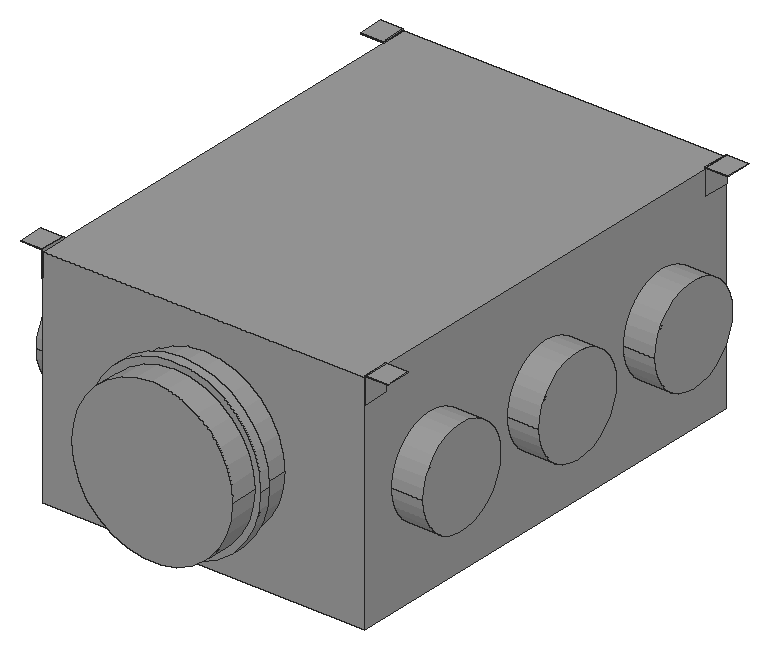
Revit family "SA_FASU(F6-150 250Φ)", category ダクト付属品, Revit 2020
Family settings
  丸型コネクタ寸法 = 直径を使用
  パーツ タイプ = ダンパー
  OmniClass 番号 = 23.75.00.00
  OmniClass タイトル = Climate Control (HVAC)
  作業面ベース = いいえ
  常に垂直 = はい
  ロード時にボイドで切り取り = いいえ
  共有 = いいえ
Parameters
  高さ = 350 mm
  風量 = 0.0 L/s
  符号 = "FASU"
  形式 = "F6-150 250φ"
  幅 [instance] = 500 mm
  奥行き = 700 mm
  大きさ = 250 mm
  呼称 = "FASUチャンバー"
  付属品_下端レベル [instance] = 0 mm
  マテリアル [instance] = 既定値
  ダクト_イン = 300 mm
  ダクト_アウト = 150 mm
  既定の高さ = 0 mm
Reference planes
  plane 1 "中心(正面/背面)": y = 0
  plane 2: z = 0
  plane 3 "中心(左/右)": x = 0
  plane 4: x = -250
  plane 5: x = 250
  plane 6: y = -700
  plane 7: z = 350
  plane 8: z = 175
  plane 9: z = 266.963
  plane 10: z = 86.159
  plane 11: x = -251
  plane 12: z = 313.122
  plane 13: z = 352.122
  plane 14: y = -350
Forms (mm)
  Extrusion 1, solid, material "既定値" <- "マテリアル"
    sketch origin (0, 0, 0) x (1, 0, 0) y (0, 1, 0)
      loop
        line (-250, 0) -> (-250, -700) -> (250, -700) -> (250, 0) -> (-250, 0)
    from 0 to 350
  Extrusion 2, solid, material "既定値" <- "マテリアル"
    sketch origin (0, -30, 0) x (1, 0, 0) y (0, 1, 0)
      loop
        line (-250, 30) -> (-251, 30) -> (-251, -10) -> (-250, -10) -> (-250, 30)
    from 313.122 to 350
  Extrusion 3, solid, material "既定値" <- "マテリアル"
    sketch origin (0, -30, 0) x (1, 0, 0) y (0, 1, 0)
      loop
        line (-285, 30) -> (-285, -10) -> (-251, -10) -> (-251, 30) -> (-285, 30)
    from 352.122 to 350
  Extrusion 4, solid, material "既定値" <- "マテリアル"
    sketch origin (0, -30, 0) x (-1, 0, 0) y (0, -1, 0)
      loop
        line (-250, -30) -> (-250, 10) -> (-251, 10) -> (-251, -30) -> (-250, -30)
    from 313.122 to 353.122
  Extrusion 5, solid, material "既定値" <- "マテリアル"
    sketch origin (0, -30, 0) x (-1, 0, 0) y (0, -1, 0)
      loop
        line (-285, -30) -> (-251, -30) -> (-251, 10) -> (-285, 10) -> (-285, -30)
    from 352.122 to 353.122
  Extrusion 6, solid, material "既定値" <- "マテリアル"
    sketch origin (0, -490, 0) x (1, 0, 0) y (0, 1, 0)
      loop
        line (-285, -170) -> (-285, -210) -> (-251, -210) -> (-251, -170) -> (-285, -170)
    from 352.122 to 353.122
  Extrusion 7, solid, material "既定値" <- "マテリアル"
    sketch origin (0, -490, 0) x (1, 0, 0) y (0, 1, 0)
      loop
        line (-250, -170) -> (-251, -170) -> (-251, -210) -> (-250, -210) -> (-250, -170)
    from 313.122 to 353.122
  Extrusion 8, solid, material "既定値" <- "マテリアル"
    sketch origin (0, -490, 0) x (-1, 0, 0) y (0, -1, 0)
      loop
        line (-285, 170) -> (-251, 170) -> (-251, 210) -> (-285, 210) -> (-285, 170)
    from 352.122 to 353.122
  Extrusion 9, solid, material "既定値" <- "マテリアル"
    sketch origin (0, -490, 0) x (-1, 0, 0) y (0, -1, 0)
      loop
        line (-250, 170) -> (-250, 210) -> (-251, 210) -> (-251, 170) -> (-250, 170)
    from 313.122 to 353.122
  Extrusion 10, solid, material "既定値" <- "マテリアル"
    sketch origin (550, -582.5, 0) x (0, -1, 0) y (0, 0, -1)
      loop
        circle (-232.5, -175) r 74.985
    from -300 to -250
  Extrusion 11, solid, material "既定値" <- "マテリアル"
    sketch origin (-550, -582.5, 0) x (0, -1, 0) y (0, 0, 1)
      loop
        circle (-232.5, 175) r 74.985
    from -300 to -250
  Extrusion 12, solid, material "既定値" <- "マテリアル"
    sketch origin (550, -357.5, 0) x (0, -1, 0) y (0, 0, -1)
      loop
        circle (-232.5, -175) r 74.985
    from -300 to -250
  Extrusion 13, solid, material "既定値" <- "マテリアル"
    sketch origin (-550, -357.5, 0) x (0, -1, 0) y (0, 0, 1)
      loop
        circle (-232.5, 175) r 74.985
    from -300 to -250
  Extrusion 14, solid, material "既定値" <- "マテリアル"
    sketch origin (550, -142.5, 0) x (0, 1, 0) y (0, 0, 1)
      loop
        circle (-432.5, 175) r 74.985
    from -300 to -250
  Extrusion 15, solid, material "既定値" <- "マテリアル"
    sketch origin (0, -142.5, 0) x (0, 1, 0) y (0, 0, 1)
      loop
        circle (-432.5, 175) r 74.985
    from -300 to -250
  Extrusion 16, solid, material "既定値" <- "マテリアル"
    sketch origin (0, -230, 0) x (1, 0, 0) y (0, 0, 1)
      loop
        circle (0, 175) r 125
    from 470 to 512.5
  Extrusion 17, solid, material "既定値" <- "マテリアル"
    sketch origin (0, -230, 0) x (1, 0, 0) y (0, 0, 1)
      loop
        circle (0, 175) r 135
    from 512.5 to 527.5
  Extrusion 18, solid, material "既定値" <- "マテリアル"
    sketch origin (0, -317.5, 0) x (1, 0, 0) y (0, 0, 1)
      loop
        circle (0, 175) r 125
    from 440 to 482.5
Lines and regions (mm)
  model lines
    curve 1: line (-250, -30, 0) -> (250, -30, 0)
    curve 2: line (-250, -670, 0) -> (250, -670, 0)
Text (mm)
  text "FASU(F6-150 250Φ)" at (3.713, -630.412, 0), in view "参照レベル"
Dimensions and locks
  equal spacing: plane 4, plane 3 "中心(左/右)", plane 5
  "幅": plane 4 to plane 5
  "奥行き": plane 6 to plane 1 "中心(正面/背面)"
  "高さ": plane 7 to level
  equal spacing: plane 7, plane 8, level
  equal spacing: plane 6, plane 14, plane 1 "中心(正面/背面)"
  aligned and locked: level to plane 2
  aligned and locked: Extrusion 1 sketch curve to plane 5
  aligned and locked: plane 7 to Extrusion 1
  aligned and locked: Extrusion 2 sketch curve to Extrusion 1
  aligned and locked: plane 7 to Extrusion 2
  aligned and locked: Extrusion 3 sketch curve to Extrusion 2
  aligned and locked: Extrusion 2 to Extrusion 3 sketch curve
  aligned and locked: plane 7 to Extrusion 3
  aligned and locked: Extrusion 3 to plane 13
  aligned and locked: Extrusion 4 to Extrusion 5 sketch curve
  aligned and locked: Extrusion 5 sketch curve to Extrusion 4
  aligned and locked: Extrusion 1 to Extrusion 8
  aligned and locked: Extrusion 6 to Extrusion 1
  aligned and locked: Extrusion 7 to Extrusion 1
  aligned and locked: Extrusion 1 to Extrusion 9
  aligned and locked: Extrusion 9 to Extrusion 8
  aligned and locked: Extrusion 7 to Extrusion 6
  aligned and locked: plane 4 to Extrusion 7
  aligned and locked: Extrusion 9 to plane 5
  aligned and locked: plane 4 to curve 1
  aligned and locked: plane 5 to curve 1
  aligned and locked: plane 5 to curve 2
  aligned and locked: Extrusion 1 to Extrusion 3
  aligned and locked: Extrusion 5 to Extrusion 1
  aligned and locked: Extrusion 4 to plane 5
  aligned and locked: Extrusion 1 to plane 6
  aligned and locked: Extrusion 1 to plane 1 "中心(正面/背面)"
  aligned and locked: Extrusion 12 to plane 5
  aligned and locked: plane 4 to Extrusion 13
  aligned and locked: Extrusion 14 to plane 5
  aligned and locked: plane 4 to Extrusion 15
  aligned and locked: Extrusion 17 to Extrusion 18
  aligned and locked: Extrusion 17 to Extrusion 16
Automatic sketch dimensions
  Extrusion 10 sketch curve to plane 8 = 0 mm
  Extrusion 10 sketch curve to plane 14 = 0 mm
  Extrusion 11 sketch curve to plane 8 = 0 mm
  Extrusion 11 sketch curve to plane 14 = 0 mm
  curve 2 to plane 4 = 0 mm
  plane 6 to curve 2 = 30 mm
  plane 1 "中心(正面/背面)" to curve 1 = 30 mm
  Extrusion 1 sketch curve to plane 4 = 0 mm
  Extrusion 1 sketch curve to plane 6 = 0 mm
  plane 1 "中心(正面/背面)" to Extrusion 1 sketch curve = 0 mm
  plane 1 "中心(正面/背面)" to Extrusion 2 sketch curve = 0 mm
  Extrusion 2 sketch curve to plane 11 = 0 mm
  Extrusion 2 sketch curve to Extrusion 2 sketch curve = 40 mm
  plane 1 "中心(正面/背面)" to Extrusion 3 sketch curve = 0 mm
  Extrusion 3 sketch curve to Extrusion 3 sketch curve = 34 mm
  plane 1 "中心(正面/背面)" to Extrusion 4 sketch curve = 0 mm
  Extrusion 4 sketch curve to plane 5 = 0 mm
  Extrusion 4 sketch curve to Extrusion 4 sketch curve = 1 mm
  Extrusion 4 sketch curve to Extrusion 4 sketch curve = 40 mm
  plane 1 "中心(正面/背面)" to Extrusion 5 sketch curve = 0 mm
  Extrusion 5 sketch curve to Extrusion 5 sketch curve = 34 mm
  Extrusion 6 sketch curve to plane 6 = 0 mm
  Extrusion 6 sketch curve to plane 11 = 0 mm
  Extrusion 6 sketch curve to plane 11 = 34 mm
  plane 6 to Extrusion 6 sketch curve = 40 mm
  Extrusion 7 sketch curve to plane 11 = 0 mm
  Extrusion 7 sketch curve to plane 4 = 0 mm
  Extrusion 7 sketch curve to plane 6 = 0 mm
  plane 6 to Extrusion 7 sketch curve = 40 mm
  Extrusion 8 sketch curve to plane 6 = 0 mm
  Extrusion 8 sketch curve to plane 5 = 35 mm
  Extrusion 8 sketch curve to plane 5 = 1 mm
  Extrusion 8 sketch curve to Extrusion 8 sketch curve = 40 mm
  Extrusion 9 sketch curve to plane 6 = 0 mm
  Extrusion 9 sketch curve to plane 5 = 0 mm
  Extrusion 9 sketch curve to Extrusion 9 sketch curve = 1 mm
  Extrusion 9 sketch curve to Extrusion 9 sketch curve = 40 mm
  Extrusion 12 sketch curve to plane 8 = 0 mm
  plane 1 "中心(正面/背面)" to Extrusion 12 sketch curve = 125 mm
  Extrusion 13 sketch curve to plane 8 = 0 mm
  plane 1 "中心(正面/背面)" to Extrusion 13 sketch curve = 125 mm
  Extrusion 14 sketch curve to plane 8 = 0 mm
  plane 6 to Extrusion 14 sketch curve = 125 mm
  Extrusion 15 sketch curve to plane 8 = 0 mm
  plane 6 to Extrusion 15 sketch curve = 125 mm
  Extrusion 16 sketch curve to plane 8 = 0 mm
  Extrusion 17 sketch curve to plane 8 = 0 mm
  Extrusion 18 sketch curve to plane 8 = 0 mm
  plane 11 to Extrusion 16 sketch curve = 251 mm
  plane 11 to Extrusion 17 sketch curve = 251 mm
  plane 11 to Extrusion 18 sketch curve = 251 mm
  radius of Extrusion 10 sketch curve = 74.985 mm
  radius of Extrusion 11 sketch curve = 74.985 mm
  radius of Extrusion 12 sketch curve = 74.985 mm
  radius of Extrusion 13 sketch curve = 74.985 mm
  radius of Extrusion 14 sketch curve = 74.985 mm
  radius of Extrusion 15 sketch curve = 74.985 mm
  radius of Extrusion 16 sketch curve = 125 mm
  radius of Extrusion 17 sketch curve = 135 mm
  radius of Extrusion 18 sketch curve = 125 mm
Connectors
  hvac at (-300, -575, 175), driven by "ダクト_アウト"
    settings: on Extrusion 15, index 1, duct flow 0.0 L/s, flow factor 0, pres drop 0.0 Pa, loss coef 0, conn angle 0.00°, conn width 304.8 mm, conn height 304.8 mm, conn diameter 150 mm, duct sys type 29, conn prof type 0, flow config 0, flow direction 2, loss method 0, conn ref index -1, conn util no, is conn primary yes, conn desc ""
  hvac at (-300, -350, 175), driven by "ダクト_アウト"
    settings: on Extrusion 11, index 2, duct flow 0.0 L/s, flow factor 0, pres drop 0.0 Pa, loss coef 0, conn angle 0.00°, conn width 304.8 mm, conn height 304.8 mm, conn diameter 150 mm, duct sys type 29, conn prof type 0, flow config 0, flow direction 2, loss method 0, conn ref index -1, conn util no, is conn primary no, conn desc ""
  hvac at (-300, -125, 175), driven by "ダクト_アウト"
    settings: on Extrusion 13, index 3, duct flow 0.0 L/s, flow factor 0, pres drop 0.0 Pa, loss coef 0, conn angle 0.00°, conn width 304.8 mm, conn height 304.8 mm, conn diameter 150 mm, duct sys type 29, conn prof type 0, flow config 0, flow direction 2, loss method 0, conn ref index -1, conn util no, is conn primary no, conn desc ""
  hvac at (300, -575, 175), driven by "ダクト_アウト"
    settings: on Extrusion 14, index 4, duct flow 0.0 L/s, flow factor 0, pres drop 0.0 Pa, loss coef 0, conn angle 0.00°, conn width 304.8 mm, conn height 304.8 mm, conn diameter 150 mm, duct sys type 29, conn prof type 0, flow config 0, flow direction 2, loss method 0, conn ref index -1, conn util no, is conn primary no, conn desc ""
  hvac at (300, -350, 175), driven by "ダクト_アウト"
    settings: on Extrusion 10, index 5, duct flow 0.0 L/s, flow factor 0, pres drop 0.0 Pa, loss coef 0, conn angle 0.00°, conn width 304.8 mm, conn height 304.8 mm, conn diameter 150 mm, duct sys type 29, conn prof type 0, flow config 0, flow direction 2, loss method 0, conn ref index -1, conn util no, is conn primary no, conn desc ""
  hvac at (300, -125, 175), driven by "ダクト_アウト"
    settings: on Extrusion 12, index 6, duct flow 0.0 L/s, flow factor 0, pres drop 0.0 Pa, loss coef 0, conn angle 0.00°, conn width 304.8 mm, conn height 304.8 mm, conn diameter 150 mm, duct sys type 29, conn prof type 0, flow config 0, flow direction 2, loss method 0, conn ref index -1, conn util no, is conn primary no, conn desc ""
  hvac at (0, -800, 175)
    settings: on Extrusion 18, index 7, duct flow 0.0 L/s, flow factor 0, pres drop 0.0 Pa, loss coef 0, conn angle 0.00°, conn width 304.8 mm, conn height 304.8 mm, conn diameter 250 mm, duct sys type 29, conn prof type 0, flow config 0, flow direction 1, loss method 0, conn ref index -1, conn util no, is conn primary no, conn desc ""
